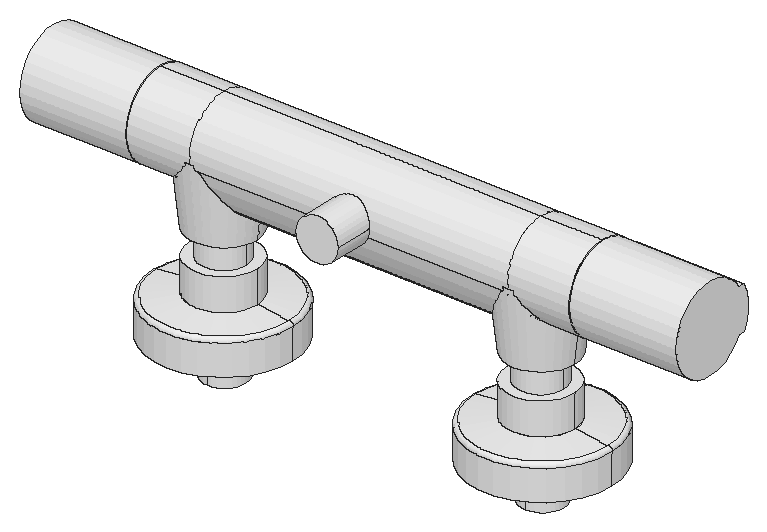
Revit family "ShowerMixer-(Built-in)-Thermostatic-Vitra-AquaHeatSeries-A47183", category Plumbing Fixtures, host Face, Revit 2017
Family settings
  Host = Face
  Round Connector Dimension = Use Diameter
  Part Type = Normal
  OmniClass Number = 23.45.55.17
  OmniClass Title = Mixing Faucets
  Cut with Voids When Loaded = No
  Shared = Yes
  Room Calculation Point = No
Parameters (values of type "ShowerMixer-Vitra-AquaHeatSeries-A47183EKM")
  Youtube = "https://www.youtube.com/user/VitrAglobal"
  Width(mm) = 310 mm
  Weight Net (kg) = "1,900"
  Warranty Period (Year) = "7 Years"
  Uniformat II Description = "Plumbing Fixture"
  Uniformat II Code = "22 40 00"
  Uniclass 2015 Name = "Bath taps"
  Uniclass 2015 Code = "Pr_40_20_87_09"
  Uniclass 2.0 Description = "Bath taps"
  Uniclass 1.4 Description = "Mixer taps"
  Uniclass 2.0 Code = "Pr_40_20_87_09"
  Uniclass 1.4 Code = "L725111"
  URL = "https://vitraglobal.com/"
  UNSPSC Description = ""
  UNSPSC Code = "301815"
  Test Pressure = "16 bar"
  Technical description = "http://cdn.vitra.com.tr/501-A47183EKM-2A.jpg"
  Tap hole Options (default) = ""
  Sustainability Performance = ""
  Specification = ""
  Region South America = "All"
  Region Oceania = "All"
  Region North America = "All"
  Region Middle East = "All"
  Region Europe = "All"
  Region Asia = "All"
  Region Antarctica = "All"
  Region Africa = "All"
  Range of flow pressure = "1 - 5 bar"
  Range of Hot Water Supply = "5 - 65 °C"
  Product url = ""
  Product group = "AquaHeat Shower Mixer"
  Product family = "AquaHeat"
  Product data url = "https://www.vitra-bad.fr/fr/produits-sanitaires/page-de-detail/product/aquaheat-rs4-mitigeur-thermostatique-de-douche.html"
  Product certification = "https://vitraglobal.com/catalogues/quality-certificates"
  Product Type = "Shower Mixer"
  Product SKU = "A47183EKM"
  Product Properties = "Water Saving"
  Product Manual = ""
  Product Guid = ""
  Packaged Weight (kg) = ""
  Number Of Connections = 2 mm
  MountingType = "Wall Mounted"
  Min. flow pressure of = "0.5 bar"
  Main Material = "Brass"
  Hot Water temperature, factory set to = "38 °C"
  Hot Water Supply (max.) = "80 °C"
  HW Connection = yes
  GTIP code = ""
  Flow Rate(L/min. - 3 bar) = ""
  Features = ""
  EAN code = ""
  Date of publishing = ""
  Cost = 0
  Connection Diameter (mm) = 15 mm
  Coating Material = Chrome
  OmniClass Description = "Mixing Faucets"
  OmniClass Code = "23.45.55.17"
  Nominal width = "0.000"
  Nominal height = "0.000"
  NBS Referans Description = "Water supply fittings for baths"
  NBS Referans Code = "45-35-70/315"
  Model = "A47183EKM"
  Masterformat 2014 Description = "Plumbing Fixtures"
  Masterformat 2014 Code = "22 40 00"
  Manufacturer name = "Vitra"
  Manufacturer = "Vitra"
  Installation instructions = ""
  IFC Classification = "Sanitary Terminal"
  Height(mm) = 70 mm
  Design country = "Turkey"
  Description = "Shower Mixer - Thermostatic"
  Depth(mm) = 120 mm
  Default Elevation = 850 mm
  Color = "Chrome"
  Calculated flow = ""
  CW Connection = yes
  COBIe Type Category = ""
  Brand = "VitrA"
  BIMobject category = "Bath/Shower Mixer"
  Article No. (default) = "A47183EKM"
  Approvals = ""
  ApplicationType = ""
  Accessories (default) = ""
Types (4, lengths in mm): name | Product SKU | Model | Article No. (default)
  (no name) | "A47183EKM" | "A47183EKM" | "A47183EKM"
  ShowerMixer-Vitra-AquaHeatSeries-A47183EKM | "A47183EKM" | "A47183EKM" | "A47183EKM"
  ShowerMixer-Vitra-AquaHeatSeries-A47183EXP | "A47183EXP" | "A47183EXP" | "A47183EXP"
  ShowerMixer-Vitra-AquaHeatSeries-A47183VUK | "A47183VUK" | "A47183VUK" | "A47183VUK"
Reference planes
  plane 1 "Center (Front/Back)": y = 0
  plane 2: z = 0
  plane 3 "Center (Left/Right)": x = 0
  plane 4: x = -154.996
  plane 5: x = 155.004
  plane 6: y = 75.319
  plane 7: y = 5.319
  plane 8: z = 102.944
  plane 9: z = -17.056
Forms (mm)
  Extrusion 1, solid, material "Chrome" <- "Coating Material"
    sketch origin (154.5, 43.731, 62.141) x (0, 1, 0) y (0, 0, -1)
      loop
        line (18.906, -10.802) -> (16.071, -10.802)
        arc (16.071, -10.802) -> (-21.25, -20.802) -> (16.071, -30.802) r 20
        line (16.071, -30.802) -> (18.906, -30.802)
        arc (18.906, -30.802) -> (21.25, -20.802) -> (18.906, -10.802) r 22.5
    from 0 to 50.5
  Extrusion 2, solid, material "Chrome" <- "Coating Material"
    sketch origin (-154.996, 43.731, 62.141) x (0, 1, 0) y (0, 0, 1)
      loop
        arc (18.906, 10.802) -> (21.25, 20.802) -> (18.906, 30.802) r 22.5
        line (18.906, 30.802) -> (16.071, 30.802)
        arc (16.071, 30.802) -> (-21.25, 20.802) -> (16.071, 10.802) r 20
        line (16.071, 10.802) -> (18.906, 10.802)
    from 0 to 50
  Extrusion 3, solid, material "Chrome" <- "Coating Material"
    sketch origin (104, 42.481, 62.118) x (0, 0, 1) y (0, 1, 0)
      loop
        circle (20.826, 0) r 20
    from 0 to 208.996
  Extrusion 4, solid, material "Chrome" <- "Coating Material"
    sketch origin (9.62, 4.481, 82.944) x (1, 0, 0) y (0, 0, 1)
      loop
        circle (-9.798, 0.049) r 10
    from 0 to -35.519
  Blend 5, solid, material "Chrome" <- "Coating Material"
    base sketch origin (-75, 32.2, 43.144) x (0, 1, 0) y (-1, 0, 0)
      loop
        circle (10.282, -0.07) r 16
    top sketch origin (-154.996, 62.764, 72.944) x (-1, 0, 0) y (0, -1, 0)
      loop
        circle (-80.066, 20.282) r 20
    from 2.579 to 7.681
  Blend 6, solid, material "Chrome" <- "Coating Material"
    base sketch origin (75, 32.2, 43.144) x (0, -1, 0) y (1, 0, 0)
      loop
        circle (-10.282, -0.07) r 16
    top sketch origin (154.996, 62.764, 72.944) x (-1, 0, 0) y (0, -1, 0)
      loop
        circle (80.066, 20.282) r 20
    from 2.579 to 7.681
  Extrusion 7, solid, material "Chrome" <- "Coating Material"
    sketch origin (0, 0, 45.625) x (0, 0, 1) y (0, -1, 0)
      loop
        arc (57.319, -42.481) -> (49.869, -26.909) -> (33.07, -22.938) r 20
        arc (33.07, -22.938) -> (24.054, -26.051) -> (16.157, -31.399) r 36.404
        arc (16.157, -31.399) -> (11.18, -42.481) -> (16.157, -53.564) r 14.827
        arc (16.157, -53.564) -> (24.57, -59.165) -> (34.199, -62.237) r 36.404
        arc (34.199, -62.237) -> (50.311, -57.687) -> (57.319, -42.481) r 20
    from -74.93 to 75.004
  Extrusion 8, solid, material "Chrome" <- "Coating Material"
    sketch origin (75, 25.841, 40.944) x (0, 1, 0) y (-1, 0, 0)
      loop
        circle (16.477, 0.189) r 11
      loop
        circle (16.477, 149.811) r 11
    from 4.779 to -7.5
  Extrusion 9, solid, material "Chrome" <- "Coating Material"
    sketch origin (75, 25.841, 33.444) x (0, 1, 0) y (-1, 0, 0)
      loop
        circle (16.477, 0.189) r 16
      loop
        circle (16.477, 149.811) r 16
    from 0 to -15
  Revolve 10, solid, material "Chrome" <- "Coating Material"
    sketch origin (85.811, 42.319, 40.944) x (-1, 0, 0) y (0, 0, 1)
      loop
        line (10.307, -40.5) -> (10.307, -22.5) -> (-5.504, -22.5) -> (-20.902, -24.118)
        arc (-20.902, -24.118) -> (-22.179, -24.769) -> (-22.693, -26.107) r 2
        line (-22.693, -26.107) -> (-22.693, -40.5) -> (10.307, -40.5)
      axis (10.307, -40.5) -> (10.307, -22.5)
    angle from 0 to 360
  Revolve 11, solid, material "Chrome" <- "Coating Material"
    sketch origin (-85.811, 42.319, 40.944) x (1, 0, 0) y (0, 0, -1)
      loop
        line (10.811, 40.5) -> (-22.189, 40.5) -> (-22.189, 26.107)
        arc (-22.189, 26.107) -> (-21.675, 24.769) -> (-20.398, 24.118) r 2
        line (-20.398, 24.118) -> (-5, 22.5) -> (10.811, 22.5) -> (10.811, 40.5)
      axis (10.811, 40.5) -> (10.811, 22.5)
    angle from 0 to 360
  Extrusion 12, solid, material "Chrome" <- "Coating Material"
    sketch origin (75.504, 42.319, 0.444) x (0, -1, 0) y (-1, 0, 0)
      loop
        circle (-0.163, -0.125) r 10
      loop
        circle (-0.163, 149.875) r 10
    from 0 to 17.3
Cuts and joins
  joined: Extrusion 3, Extrusion 4, Extrusion 7
Dimensions and locks
  "Width(mm)": plane 4 to plane 5
  "Height(mm)": plane 6 to plane 7
  "Depth(mm)": plane 8 to plane 9
  aligned and locked: plane 2 to host face
  aligned and locked: level to host face
  aligned and locked: Extrusion 8 to Extrusion 9
  aligned and locked: Blend 5 to Extrusion 8
  aligned and locked: Revolve 10 to Extrusion 12
  aligned and locked: Blend 6 to Blend 5
  aligned and locked: Extrusion 1 to Extrusion 3
  aligned and locked: Extrusion 3 to Extrusion 2
  aligned and locked: Blend 5 to Blend 6
Automatic sketch dimensions
  host sketch curve to host sketch curve = 2438.4 mm  (x2)
  Extrusion 1 sketch curve to Extrusion 1 sketch curve = 0 mm  (x3)
  Extrusion 1 sketch curve to plane 6 = 32.837 mm
  Extrusion 1 sketch curve to plane 8 = 10 mm
  Extrusion 1 sketch curve to plane 6 = 15.517 mm  (x2)
  Extrusion 1 sketch curve to Extrusion 1 sketch curve = 2.835 mm
  Extrusion 1 sketch curve to Extrusion 1 sketch curve = 10 mm
  Extrusion 2 sketch curve to Extrusion 2 sketch curve = 0 mm  (x3)
  Extrusion 2 sketch curve to plane 6 = 32.837 mm
  Extrusion 2 sketch curve to plane 8 = 10 mm
  Extrusion 2 sketch curve to plane 6 = 15.517 mm  (x2)
  Extrusion 2 sketch curve to Extrusion 2 sketch curve = 2.835 mm
  Extrusion 2 sketch curve to Extrusion 2 sketch curve = 10 mm
  Extrusion 3 sketch curve to plane 8 = 20 mm
  Extrusion 3 sketch curve to plane 6 = 32.837 mm
  Extrusion 4 sketch curve to plane 3 "Center (Left/Right)" = 0.177 mm
  Extrusion 4 sketch curve to plane 8 = 19.951 mm
  Blend 5 sketch curve to plane 6 = 32.837 mm
  Blend 5 sketch curve to plane 3 "Center (Left/Right)" = 74.93 mm
  Extrusion 2 to Blend 5 sketch curve = 30.066 mm
  Extrusion 2 to Blend 5 sketch curve = 17.32 mm
  Blend 6 sketch curve to plane 6 = 32.837 mm
  plane 3 "Center (Left/Right)" to Blend 6 sketch curve = 74.93 mm
  Extrusion 2 to Blend 6 sketch curve = 17.32 mm
  Extrusion 2 to Blend 6 sketch curve = 179.926 mm
  Extrusion 7 sketch curve to Extrusion 7 sketch curve = 0 mm  (x4)
  Extrusion 7 sketch curve to plane 8 = 0 mm
  Extrusion 7 sketch curve to plane 8 = 16.976 mm  (x2)
  Extrusion 7 sketch curve to Extrusion 7 sketch curve = 3.024 mm
  Extrusion 7 sketch curve to Extrusion 7 sketch curve = 11.311 mm
  Extrusion 7 sketch curve to plane 6 = 16.71 mm
  Extrusion 7 sketch curve to Extrusion 7 sketch curve = 16.127 mm  (x2)
  Extrusion 7 sketch curve to Extrusion 7 sketch curve = 6.143 mm
  Extrusion 7 sketch curve to Extrusion 7 sketch curve = 7.272 mm
  Extrusion 8 sketch curve to plane 6 = 33 mm  (x2)
  plane 3 "Center (Left/Right)" to Extrusion 8 sketch curve = 74.811 mm
  Extrusion 8 sketch curve to plane 3 "Center (Left/Right)" = 74.811 mm
  Extrusion 9 sketch curve to plane 6 = 33 mm  (x2)
  plane 3 "Center (Left/Right)" to Extrusion 9 sketch curve = 74.811 mm
  Extrusion 9 sketch curve to plane 3 "Center (Left/Right)" = 74.811 mm
  level to Revolve 10 sketch curve = 0.444 mm
  plane 5 to Revolve 10 sketch curve = 46.5 mm
  level to Revolve 10 sketch curve = 16.825 mm
  Revolve 10 sketch curve to Revolve 10 sketch curve = 1.791 mm
  Revolve 10 sketch curve to Revolve 10 sketch curve = 0.209 mm
  Revolve 10 sketch curve to Revolve 10 sketch curve = 15.398 mm
  Revolve 10 sketch curve to Revolve 10 sketch curve = 15.811 mm
  Revolve 10 sketch curve to Revolve 10 sketch curve = 18 mm
  Revolve 10 sketch curve to Revolve 10 sketch curve = 0 mm
  Revolve 10 sketch curve to Revolve 10 sketch curve = 3.986 mm
  Revolve 10 sketch curve to Revolve 10 sketch curve = 5.014 mm
  level to Revolve 11 sketch curve = 0.444 mm
  Revolve 11 sketch curve to plane 4 = 46.996 mm
  level to Revolve 11 sketch curve = 16.825 mm
  Revolve 11 sketch curve to Revolve 11 sketch curve = 1.791 mm
  Revolve 11 sketch curve to Revolve 11 sketch curve = 0.209 mm
  Revolve 11 sketch curve to Revolve 11 sketch curve = 15.398 mm
  Revolve 11 sketch curve to Revolve 11 sketch curve = 15.811 mm
  Revolve 11 sketch curve to Revolve 11 sketch curve = 1.618 mm
  Revolve 11 sketch curve to Revolve 11 sketch curve = 0 mm
  Revolve 11 sketch curve to Revolve 11 sketch curve = 9 mm
  Revolve 11 sketch curve to Revolve 11 sketch curve = 3.986 mm
  Extrusion 12 sketch curve to Revolve 10 = 0.163 mm  (x2)
  Extrusion 12 sketch curve to Extrusion 12 sketch curve = 150 mm
  radius of Extrusion 3 sketch curve = 20 mm
  radius of Extrusion 4 sketch curve = 10 mm
  radius of Blend 5 sketch curve = 16 mm
  radius of Blend 5 sketch curve = 20 mm
  radius of Blend 6 sketch curve = 16 mm
  radius of Blend 6 sketch curve = 20 mm
  radius of Extrusion 8 sketch curve = 11 mm  (x2)
  radius of Extrusion 9 sketch curve = 16 mm  (x2)
  radius of Extrusion 12 sketch curve = 10 mm  (x2)
Connectors
  piping at (75.629, 42.481, -16.856), diameter 15
    settings: on Extrusion 12, index 1, connector inside diameter 609.6 mm, connector length 0 mm, flow factor 0, pipe flow 0.0 L/s, pressure drop 0.0 Pa, fitting loss kfactor 0, connector angle 0.00°, fixture units 0, engagement length 0 mm, angle of deflection 0.00°, flow configuration 0, flow direction 1, fitting loss method 0, system type 20, joint type 0, gender type 0, connector reference index -1, connector utility 0, adjustable connector no, is connector primary yes, connector description ""
  piping at (-74.371, 42.481, -16.856), diameter 15
    settings: on Extrusion 12, index 2, connector inside diameter 609.6 mm, connector length 0 mm, flow factor 0, pipe flow 0.0 L/s, pressure drop 0.0 Pa, fitting loss kfactor 0, connector angle 0.00°, fixture units 0, engagement length 0 mm, angle of deflection 0.00°, flow configuration 0, flow direction 1, fitting loss method 0, system type 19, joint type 0, gender type 0, connector reference index -1, connector utility 0, adjustable connector no, is connector primary no, connector description ""
